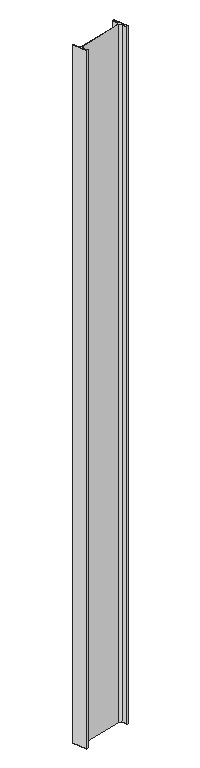
Revit family "M_M-Miscellaneous Wide Flange-Column", category 구조 기둥, Revit 2026
Family settings
  단면 모양 = 정의되지 않음
  모델 동작 재료 = 스틸
  항상 형상으로 내보내기 = 아니오
  평면의 보 전환 = 경계 상자에서
  로드될 때 보이드를 사용하여 절단 = 아니오
  기호 표현 = 프로젝트 설정에서
  공유 = 아니오
  평면도에서 미리 절단된 패밀리 표시 = 예
Parameters (values of type "M200X9.7")
  Assembly Code = ""
  Structural Material [instance] = Metal - Steel - 345 MPa
  A = 0.00124 m²
  W = 0.095
  bf = 57.9 mm
  d = 203 mm
  k = 14 mm
  kr = k - tf  # 9 mm
  tf = 5 mm
  tw = 3.4 mm
Types (2, lengths in mm): name | A | W | bf | d | tw
  M310X16.1 | 0.00205 m² | 0.158 | 77.9 | 304 | 4.1
  M200X9.7 | 0.00124 m² | 0.095 | 57.9 | 203 | 3.4
Reference planes
  plane 1: y = 0
  plane 2: z = 0
  plane 3: x = 0
  plane 4: x = -28.95
  plane 5: x = 28.95
  plane 6: y = 101.5
  plane 7: y = -101.5
  plane 8: x = -3.969
  plane 9: x = 3.969
Forms (mm)
  Extrusion 1, solid, material "Metal - Steel - 345 MPa" <- "Structural Material", detail levels medium
    sketch origin (0, 0, 0) x (1, 0, 0) y (0, 1, 0)
      loop
        line (-28.95, 101.5) -> (-28.95, 96.5) -> (-1.7, 96.5) -> (-1.7, -96.5) -> (-28.95, -96.5) -> (-28.95, -101.5) -> (28.95, -101.5) -> (28.95, -96.5) -> (1.7, -96.5) -> (1.7, 96.5) -> (28.95, 96.5) -> (28.95, 101.5) -> (-28.95, 101.5)
    from 0 to 2500
  Extrusion 2, solid, material "Metal - Steel - 345 MPa" <- "Structural Material", detail levels fine
    sketch origin (0, 0, 0) x (1, 0, 0) y (0, 1, 0)
      loop
        line (-28.95, 101.5) -> (-28.95, 96.5) -> (-10.7, 96.5)
        arc (-10.7, 96.5) -> (-4.336, 93.864) -> (-1.7, 87.5) r 9
        line (-1.7, 87.5) -> (-1.7, -87.5)
        arc (-1.7, -87.5) -> (-4.336, -93.864) -> (-10.7, -96.5) r 9
        line (-10.7, -96.5) -> (-28.95, -96.5) -> (-28.95, -101.5) -> (28.95, -101.5) -> (28.95, -96.5) -> (10.7, -96.5)
        arc (10.7, -96.5) -> (4.336, -93.864) -> (1.7, -87.5) r 9
        line (1.7, -87.5) -> (1.7, 87.5)
        arc (1.7, 87.5) -> (4.336, 93.864) -> (10.7, 96.5) r 9
        line (10.7, 96.5) -> (28.95, 96.5) -> (28.95, 101.5) -> (-28.95, 101.5)
    from 0 to 2500
Lines and regions (mm)
  symbolic lines, style "StructuralColumnStickSymbols", detail levels coarse
    curve 1: line (-28.95, 101.5, 0) -> (28.95, 101.5, 0)
    curve 2: line (-28.95, -101.5, 0) -> (28.95, -101.5, 0)
    curve 3: line (0, 101.5, 0) -> (0, -101.5, 0)
  symbolic lines, style "Hidden Faces", detail levels medium+fine
    curve 4: line (-3.969, 0, 0) -> (-3.969, 0, 2500)
    curve 5: line (3.969, 0, 2500) -> (3.969, 0, 0)
Dimensions and locks
  equal spacing: plane 4, plane 3, plane 5
  equal spacing: plane 7, plane 1, plane 6
  "d": plane 7 to plane 6
  "bf": plane 4 to plane 5
  "tf": plane 7 to Extrusion 1 sketch curve
  "tf": Extrusion 1 sketch curve to plane 6
  equal spacing: Extrusion 1 sketch curve, plane 3, Extrusion 1 sketch curve
  "tw": Extrusion 1 sketch curve to Extrusion 1 sketch curve
  "kr": radius of Extrusion 2 sketch curve  (x4)
  aligned and locked: plane 6 to Extrusion 1 sketch curve
  aligned and locked: Extrusion 1 sketch curve to plane 7
  aligned and locked: Extrusion 1 sketch curve to plane 4  (x2)
  aligned and locked: plane 5 to Extrusion 1 sketch curve  (x2)
  aligned and locked: Extrusion 1 sketch curve to Extrusion 1 sketch curve  (x2)
  aligned and locked: level to Extrusion 1
  aligned and locked: level to plane 2
  aligned and locked: Extrusion 1 to plane 2
  aligned and locked: plane 6 to Extrusion 2 sketch curve
  aligned and locked: plane 5 to Extrusion 2 sketch curve  (x2)
  aligned and locked: Extrusion 2 sketch curve to plane 4  (x2)
  aligned and locked: Extrusion 2 sketch curve to Extrusion 1  (x6)
  aligned and locked: Extrusion 2 sketch curve to plane 7
  aligned and locked: level to Extrusion 2
  aligned and locked: Extrusion 2 to level
Automatic sketch dimensions
  curve 2 to plane 4 = 0 mm
  curve 1 to plane 4 = 0 mm
  curve 3 to plane 3 = 0 mm
  curve 2 to plane 5 = 0 mm
  curve 1 to plane 5 = 0 mm
  curve 3 to plane 7 = 0 mm
  curve 3 to plane 6 = 0 mm
  curve 4 to level = 0 mm  (x2)
  curve 4 to plane 8 = 0 mm
  curve 5 to level = 0 mm  (x2)
  curve 5 to plane 9 = 0 mm
